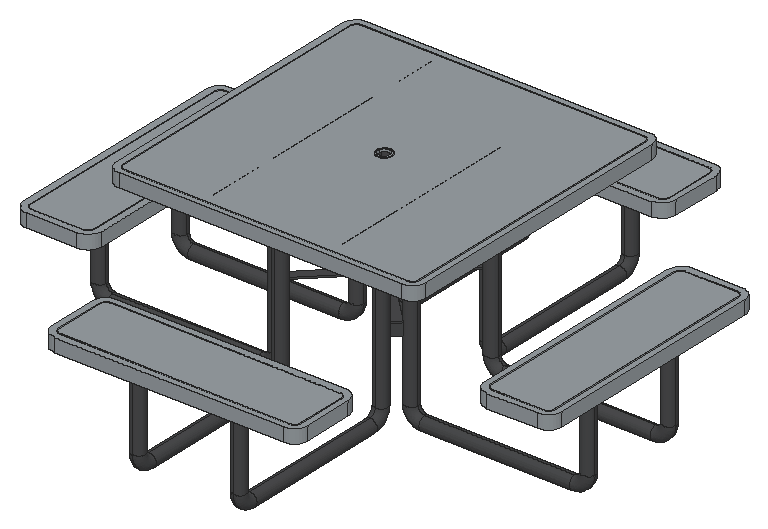
Revit family "OF-T46SQx", category Furniture, Revit 2020
Family settings
  Work Plane-Based = No
  Always vertical = Yes
  Cut with Voids When Loaded = No
  Shared = No
  Room Calculation Point = No
Parameters (values of type "OF-T46SQP")
  Top Panel [instance] = Getzen Gray Expanded
  Top Frame [instance] = Getzen Gray Solid
  Seat Panel [instance] = Getzen Gray Expanded
  Seat Frame [instance] = Getzen Gray Solid
  HS Seat Count = 8
  Frame [instance] = Getzen Black Solid
  Surface Mount = no
  Mount = no
  Model = "OF-T46SQP"
  In Ground = no
  ES Seat Count = 8
  Default Elevation = 0' - 0"
Types (3): name | Surface Mount | Mount | Model | In Ground
  OF-T46SQP | no | no | "OF-T46SQP" | no
  OF-T46SQSM | yes | yes | "OF-T46SQSM" | no
  OF-T46SQIG | no | yes | "OF-T46SQIG" | yes
Reference planes (in)
  plane 1 "Center (Front/Back)": y = 0
  plane 2: z = 0
  plane 3 "Center (Left/Right)": x = 0
  plane 4 "29"": z = 29.5
  plane 5 "Seat Height": z = 16.5
Forms (in)
  Sweep 1, solid, material "Getzen Black Solid" <- "Frame"
    path origin (0, 0, 0) x (1, 0, 0) y (0, 0, 1)
      loop
        line (-10, 27.5) -> (-10, 3)
        arc (-10, 3) -> (-10.58579, 1.58579) -> (-12, 1) r 2
        line (-12, 1) -> (-34.375, 1)
        arc (-34.375, 1) -> (-35.78921, 1.58579) -> (-36.375, 3) r 2
        line (-36.375, 3) -> (-36.375, 14.5)
    profile origin (-10, 0, 15.25) x (0, -1, 0) y (1, 0, 0)
      loop
        circle (7.5, 0) r 1
  Sweep 2, solid, material "Getzen Black Solid" <- "Frame"
    path origin (0, -0.5, 0) x (1, 0, 0) y (0, 0, -1)
      loop
        line (-10, -27.5) -> (-10, -3)
        arc (-10, -3) -> (-10.58579, -1.58579) -> (-12, -1) r 2
        line (-12, -1) -> (-34.375, -1)
        arc (-34.375, -1) -> (-35.78921, -1.58579) -> (-36.375, -3) r 2
        line (-36.375, -3) -> (-36.375, -14.5)
    profile origin (-10, -0.5, 15.25) x (0, 1, 0) y (-1, 0, 0)
      loop
        circle (8, 0) r 1
  Extrusion 3, solid, material "Getzen Gray Solid" <- "Top Frame"
    sketch origin (0, 0, 0) x (1, 0, 0) y (0, 1, 0)
      loop
        line (-9.375, 9.375) -> (-9.375, -9.375) -> (9.375, -9.375) -> (9.375, 9.375) -> (-9.375, 9.375)
      loop
        line (9.625, 9.375) -> (20.375, 9.375) -> (20.125, 9.625) -> (9.625, 9.625) -> (9.625, 20.28281) -> (9.375, 20.375) -> (9.375, 9.625) -> (-9.375, 9.625) -> (-9.375, 20.375) -> (-9.625, 20.28281) -> (-9.625, 9.625) -> (-20.125, 9.625) -> (-20.375, 9.375) -> (-9.625, 9.375) -> (-9.625, -9.375) -> (-20.375, -9.375) -> (-20.125, -9.625) -> (-9.625, -9.625) -> (-9.625, -20.28281) -> (-9.375, -20.375) -> (-9.375, -9.625) -> (9.375, -9.625) -> (9.375, -20.375) -> (9.625, -20.28281) -> (9.625, -9.625) -> (20.125, -9.625) -> (20.375, -9.375) -> (9.625, -9.375) -> (9.625, 9.375)
    from 27.5 to 29.375
  Extrusion 4, solid, material "Getzen Black Solid" <- "Frame"
    sketch origin (0, 0, 0) x (1, 0, 0) y (0, 1, 0)
      loop
        line (-9.375, 8.28062) -> (-1.24327, 0.1489) -> (-0.1489, 1.24327) -> (-8.28062, 9.375) -> (-9.375, 8.28062)
      loop
        line (9.375, 8.28062) -> (8.28062, 9.375) -> (0.1489, 1.24327) -> (1.24327, 0.1489) -> (9.375, 8.28062)
      loop
        line (-9.375, -8.28062) -> (-8.28062, -9.375) -> (-0.1489, -1.24327) -> (-1.24327, -0.1489) -> (-9.375, -8.28062)
      loop
        line (9.375, -8.28062) -> (1.24327, -0.1489) -> (0.1489, -1.24327) -> (8.28062, -9.375) -> (9.375, -8.28062)
    from 13.75 to 14
  Extrusion 5, solid, material "Getzen Black Solid" <- "Frame"
    sketch origin (0, 0, 0) x (1, 0, 0) y (0, 1, 0)
      loop
        circle (0, 0) r 1.128
      loop
        circle (0, 0) r 0.875
    from 12 to 14
  Extrusion 6, solid, material "Getzen Black Solid" <- "Frame"
    sketch origin (0, 0, 0) x (1, 0, 0) y (0, 1, 0)
      loop
        line (-9.375, 8.28062) -> (-9.19822, 8.10385) -> (-8.10385, 9.19822) -> (-8.28062, 9.375) -> (-9.375, 8.28062)
      loop
        line (9.375, 8.28062) -> (8.28062, 9.375) -> (8.10385, 9.19822) -> (9.19822, 8.10385) -> (9.375, 8.28062)
      loop
        line (-9.375, -8.28062) -> (-8.28062, -9.375) -> (-8.10385, -9.19822) -> (-9.19822, -8.10385) -> (-9.375, -8.28062)
      loop
        line (9.375, -8.28062) -> (9.19822, -8.10385) -> (8.10385, -9.19822) -> (8.28062, -9.375) -> (9.375, -8.28062)
    from 12 to 13.75
  Extrusion 7, solid, material "Getzen Gray Solid" <- "Top Frame"
    sketch origin (0, 0, 0) x (1, 0, 0) y (0, 1, 0)
      loop
        circle (0, 0) r 0.875
      loop
        circle (0, 0) r 1.128
    from 29.25 to 29.5
  Extrusion 8, solid, material "Getzen Black Solid" <- "Frame", visible <- "Mount"
    sketch origin (0, 0, 0) x (1, 0, 0) y (0, 1, 0)
      loop
        circle (-23.1875, 9) r 0.75
    from 0 to 0.4257
  Extrusion 9, solid, material "Getzen Hardware", visible <- "Mount"
    sketch origin (0, 0, 0) x (1, 0, 0) y (0, 1, 0)
      loop
        circle (-23.1875, 9) r 0.375
    from 0.25 to 0.5
  Extrusion 10, solid, material "Getzen Hardware", visible <- "Surface Mount"
    sketch origin (0, 0, 0) x (1, 0, 0) y (0, 1, 0)
      loop
        circle (-23.1875, 9) r 1
    from -2 to 0
  Extrusion 11, solid, material "Getzen Hardware", visible <- "In Ground"
    sketch origin (0, 0, 0) x (1, 0, 0) y (0, 1, 0)
      loop
        circle (-23.1875, 9) r 2
    from -8 to 0
  Sweep 12, solid, material "Getzen Black Solid" <- "Frame"
    path origin (0, 0, 0) x (0, -1, 0) y (0, 0, 1)
      loop
        line (-10, 27.5) -> (-10, 3)
        arc (-10, 3) -> (-10.58579, 1.58579) -> (-12, 1) r 2
        line (-12, 1) -> (-34.375, 1)
        arc (-34.375, 1) -> (-35.78921, 1.58579) -> (-36.375, 3) r 2
        line (-36.375, 3) -> (-36.375, 14.5)
    profile origin (0, 10, 15.25) x (-1, 0, 0) y (0, -1, 0)
      loop
        circle (7.5, 0) r 1
  Sweep 13, solid, material "Getzen Black Solid" <- "Frame"
    path origin (-0.5, 0, 0) x (0, -1, 0) y (0, 0, -1)
      loop
        line (-10, -27.5) -> (-10, -3)
        arc (-10, -3) -> (-10.58579, -1.58579) -> (-12, -1) r 2
        line (-12, -1) -> (-34.375, -1)
        arc (-34.375, -1) -> (-35.78921, -1.58579) -> (-36.375, -3) r 2
        line (-36.375, -3) -> (-36.375, -14.5)
    profile origin (-0.5, 10, 15.25) x (1, 0, 0) y (0, 1, 0)
      loop
        circle (8, 0) r 1
  Extrusion 14, solid, material "Getzen Black Solid" <- "Frame", visible <- "Mount"
    sketch origin (0, 0, 0) x (0, -1, 0) y (1, 0, 0)
      loop
        circle (-23.1875, 9) r 0.75
    from 0 to 0.4257
  Extrusion 15, solid, material "Getzen Hardware", visible <- "Mount"
    sketch origin (0, 0, 0) x (0, -1, 0) y (1, 0, 0)
      loop
        circle (-23.1875, 9) r 0.375
    from 0.25 to 0.5
  Sweep 16, solid, material "Getzen Black Solid" <- "Frame"
    path origin (0, 0, 0) x (-1, 0, 0) y (0, 0, 1)
      loop
        line (-10, 27.5) -> (-10, 3)
        arc (-10, 3) -> (-10.58579, 1.58579) -> (-12, 1) r 2
        line (-12, 1) -> (-34.375, 1)
        arc (-34.375, 1) -> (-35.78921, 1.58579) -> (-36.375, 3) r 2
        line (-36.375, 3) -> (-36.375, 14.5)
    profile origin (10, 0, 15.25) x (0, 1, 0) y (-1, 0, 0)
      loop
        circle (7.5, 0) r 1
  Sweep 17, solid, material "Getzen Black Solid" <- "Frame"
    path origin (0, 0.5, 0) x (-1, 0, 0) y (0, 0, -1)
      loop
        line (-10, -27.5) -> (-10, -3)
        arc (-10, -3) -> (-10.58579, -1.58579) -> (-12, -1) r 2
        line (-12, -1) -> (-34.375, -1)
        arc (-34.375, -1) -> (-35.78921, -1.58579) -> (-36.375, -3) r 2
        line (-36.375, -3) -> (-36.375, -14.5)
    profile origin (10, 0.5, 15.25) x (0, -1, 0) y (1, 0, 0)
      loop
        circle (8, 0) r 1
  Extrusion 18, solid, material "Getzen Black Solid" <- "Frame", visible <- "Mount"
    sketch origin (0, 0, 0) x (-1, 0, 0) y (0, -1, 0)
      loop
        circle (-23.1875, 9) r 0.75
    from 0 to 0.4257
  Extrusion 19, solid, material "Getzen Hardware", visible <- "Mount"
    sketch origin (0, 0, 0) x (-1, 0, 0) y (0, -1, 0)
      loop
        circle (-23.1875, 9) r 0.375
    from 0.25 to 0.5
  Sweep 20, solid, material "Getzen Black Solid" <- "Frame"
    path origin (0, 0, 0) x (0, 1, 0) y (0, 0, 1)
      loop
        line (-10, 27.5) -> (-10, 3)
        arc (-10, 3) -> (-10.58579, 1.58579) -> (-12, 1) r 2
        line (-12, 1) -> (-34.375, 1)
        arc (-34.375, 1) -> (-35.78921, 1.58579) -> (-36.375, 3) r 2
        line (-36.375, 3) -> (-36.375, 14.5)
    profile origin (0, -10, 15.25) x (1, 0, 0) y (0, 1, 0)
      loop
        circle (7.5, 0) r 1
  Sweep 21, solid, material "Getzen Black Solid" <- "Frame"
    path origin (0.5, 0, 0) x (0, 1, 0) y (0, 0, -1)
      loop
        line (-10, -27.5) -> (-10, -3)
        arc (-10, -3) -> (-10.58579, -1.58579) -> (-12, -1) r 2
        line (-12, -1) -> (-34.375, -1)
        arc (-34.375, -1) -> (-35.78921, -1.58579) -> (-36.375, -3) r 2
        line (-36.375, -3) -> (-36.375, -14.5)
    profile origin (0.5, -10, 15.25) x (-1, 0, 0) y (0, -1, 0)
      loop
        circle (8, 0) r 1
  Extrusion 22, solid, material "Getzen Black Solid" <- "Frame", visible <- "Mount"
    sketch origin (0, 0, 0) x (0, 1, 0) y (-1, 0, 0)
      loop
        circle (-23.1875, 9) r 0.75
    from 0 to 0.4257
  Extrusion 23, solid, material "Getzen Hardware", visible <- "Mount"
    sketch origin (0, 0, 0) x (0, 1, 0) y (-1, 0, 0)
      loop
        circle (-23.1875, 9) r 0.375
    from 0.25 to 0.5
  Extrusion 24, solid, material "Getzen Hardware", visible <- "Surface Mount"
    sketch origin (0, 0, 0) x (0, -1, 0) y (1, 0, 0)
      loop
        circle (-23.1875, 9) r 1
    from -2 to 0
  Extrusion 25, solid, material "Getzen Hardware", visible <- "In Ground"
    sketch origin (0, 0, 0) x (0, -1, 0) y (1, 0, 0)
      loop
        circle (-23.1875, 9) r 2
    from -8 to 0
  Extrusion 26, solid, material "Getzen Hardware", visible <- "Surface Mount"
    sketch origin (0, 0, 0) x (-1, 0, 0) y (0, -1, 0)
      loop
        circle (-23.1875, 9) r 1
    from -2 to 0
  Extrusion 27, solid, material "Getzen Hardware", visible <- "In Ground"
    sketch origin (0, 0, 0) x (-1, 0, 0) y (0, -1, 0)
      loop
        circle (-23.1875, 9) r 2
    from -8 to 0
  Extrusion 28, solid, material "Getzen Hardware", visible <- "Surface Mount"
    sketch origin (0, 0, 0) x (0, 1, 0) y (-1, 0, 0)
      loop
        circle (-23.1875, 9) r 1
    from -2 to 0
  Extrusion 29, solid, material "Getzen Hardware", visible <- "In Ground"
    sketch origin (0, 0, 0) x (0, 1, 0) y (-1, 0, 0)
      loop
        circle (-23.1875, 9) r 2
    from -8 to 0
  Extrusion 30, solid, material "Getzen Gray Solid" <- "Seat Frame"
    sketch origin (0, 0, 0) x (1, 0, 0) y (0, 1, 0)
      loop
        arc (-38, 19) -> (-39.41421, 18.41421) -> (-40, 17) r 2
        line (-40, 17) -> (-40, -17)
        arc (-40, -17) -> (-39.41421, -18.41421) -> (-38, -19) r 2
        line (-38, -19) -> (-30.5, -19)
        arc (-30.5, -19) -> (-29.08579, -18.41421) -> (-28.5, -17) r 2
        line (-28.5, -17) -> (-28.5, 17)
        arc (-28.5, 17) -> (-29.08579, 18.41421) -> (-30.5, 19) r 2
        line (-30.5, 19) -> (-38, 19)
      loop
        line (-39, 17) -> (-39, -17)
        arc (-39, -17) -> (-38.70711, -17.70711) -> (-38, -18) r 1
        line (-38, -18) -> (-30.5, -18)
        arc (-30.5, -18) -> (-29.79289, -17.70711) -> (-29.5, -17) r 1
        line (-29.5, -17) -> (-29.5, 17)
        arc (-29.5, 17) -> (-29.79289, 17.70711) -> (-30.5, 18) r 1
        line (-30.5, 18) -> (-38, 18)
        arc (-38, 18) -> (-38.70711, 17.70711) -> (-39, 17) r 1
    from 14.5 to 16.5
  Extrusion 31, solid, material "Getzen Gray Expanded" <- "Seat Panel"
    sketch origin (0, 0, 0) x (1, 0, 0) y (0, 1, 0)
      loop
        arc (-38, 18) -> (-38.70711, 17.70711) -> (-39, 17) r 1
        line (-39, 17) -> (-39, -17)
        arc (-39, -17) -> (-38.70711, -17.70711) -> (-38, -18) r 1
        line (-38, -18) -> (-30.5, -18)
        arc (-30.5, -18) -> (-29.79289, -17.70711) -> (-29.5, -17) r 1
        line (-29.5, -17) -> (-29.5, 17)
        arc (-29.5, 17) -> (-29.79289, 17.70711) -> (-30.5, 18) r 1
        line (-30.5, 18) -> (-38, 18)
    from 16.375 to 16.5
  Extrusion 32, solid, material "Getzen Gray Solid" <- "Top Frame"
    sketch origin (0, 0, 0) x (1, 0, 0) y (0, 1, 0)
      loop
        arc (-21, 23) -> (-22.41421, 22.41421) -> (-23, 21) r 2
        line (-23, 21) -> (-23, -21)
        arc (-23, -21) -> (-22.41421, -22.41421) -> (-21, -23) r 2
        line (-21, -23) -> (21, -23)
        arc (21, -23) -> (22.41421, -22.41421) -> (23, -21) r 2
        line (23, -21) -> (23, 21)
        arc (23, 21) -> (22.41421, 22.41421) -> (21, 23) r 2
        line (21, 23) -> (-21, 23)
      loop
        arc (-21, 22) -> (-21.70711, 21.70711) -> (-22, 21) r 1
        line (-22, 21) -> (-22, -21)
        arc (-22, -21) -> (-21.70711, -21.70711) -> (-21, -22) r 1
        line (-21, -22) -> (21, -22)
        arc (21, -22) -> (21.70711, -21.70711) -> (22, -21) r 1
        line (22, -21) -> (22, 21)
        arc (22, 21) -> (21.70711, 21.70711) -> (21, 22) r 1
        line (21, 22) -> (-21, 22)
    from 27.5 to 29.5
  Extrusion 33, solid, material "Getzen Gray Expanded" <- "Top Panel"
    sketch origin (0, 0, 0) x (1, 0, 0) y (0, 1, 0)
      loop
        circle (0, 0) r 1.128
      loop
        arc (-21, 22) -> (-21.70711, 21.70711) -> (-22, 21) r 1
        line (-22, 21) -> (-22, -21)
        arc (-22, -21) -> (-21.70711, -21.70711) -> (-21, -22) r 1
        line (-21, -22) -> (21, -22)
        arc (21, -22) -> (21.70711, -21.70711) -> (22, -21) r 1
        line (22, -21) -> (22, 21)
        arc (22, 21) -> (21.70711, 21.70711) -> (21, 22) r 1
        line (21, 22) -> (-21, 22)
    from 29.375 to 29.5
  Extrusion 34, solid, material "Getzen Gray Solid" <- "Seat Frame"
    sketch origin (0, 0, 1.5) x (0, 1, 0) y (0, 0, 1)
      loop
        line (8.5, 13) -> (8.5, 14.5) -> (8.375, 14.5) -> (8.375, 13.125) -> (6.5, 13.125) -> (6.5, 13) -> (8.5, 13)
      loop
        line (-8.5, 13) -> (-6.5, 13) -> (-6.5, 13.125) -> (-8.375, 13.125) -> (-8.375, 14.5) -> (-8.5, 14.5) -> (-8.5, 13)
    from -29.5 to -39
  Extrusion 35, solid, material "Getzen Gray Solid" <- "Seat Frame"
    sketch origin (0, 0, 0) x (-1, 0, 0) y (0, -1, 0)
      loop
        line (-38, -19) -> (-30.5, -19)
        arc (-30.5, -19) -> (-29.08579, -18.41421) -> (-28.5, -17) r 2
        line (-28.5, -17) -> (-28.5, 17)
        arc (-28.5, 17) -> (-29.08579, 18.41421) -> (-30.5, 19) r 2
        line (-30.5, 19) -> (-38, 19)
        arc (-38, 19) -> (-39.41421, 18.41421) -> (-40, 17) r 2
        line (-40, 17) -> (-40, -17)
        arc (-40, -17) -> (-39.41421, -18.41421) -> (-38, -19) r 2
      loop
        arc (-39, -17) -> (-38.70711, -17.70711) -> (-38, -18) r 1
        line (-38, -18) -> (-30.5, -18)
        arc (-30.5, -18) -> (-29.79289, -17.70711) -> (-29.5, -17) r 1
        line (-29.5, -17) -> (-29.5, 17)
        arc (-29.5, 17) -> (-29.79289, 17.70711) -> (-30.5, 18) r 1
        line (-30.5, 18) -> (-38, 18)
        arc (-38, 18) -> (-38.70711, 17.70711) -> (-39, 17) r 1
        line (-39, 17) -> (-39, -17)
    from 14.5 to 16.5
  Extrusion 36, solid, material "Getzen Gray Expanded" <- "Seat Panel"
    sketch origin (0, 0, 0) x (-1, 0, 0) y (0, -1, 0)
      loop
        line (-38, -18) -> (-30.5, -18)
        arc (-30.5, -18) -> (-29.79289, -17.70711) -> (-29.5, -17) r 1
        line (-29.5, -17) -> (-29.5, 17)
        arc (-29.5, 17) -> (-29.79289, 17.70711) -> (-30.5, 18) r 1
        line (-30.5, 18) -> (-38, 18)
        arc (-38, 18) -> (-38.70711, 17.70711) -> (-39, 17) r 1
        line (-39, 17) -> (-39, -17)
        arc (-39, -17) -> (-38.70711, -17.70711) -> (-38, -18) r 1
    from 16.375 to 16.5
  Extrusion 37, solid, material "Getzen Gray Solid" <- "Seat Frame"
    sketch origin (0, 0, 1.5) x (0, 1, 0) y (0, 0, -1)
      loop
        line (8.5, -13) -> (6.5, -13) -> (6.5, -13.125) -> (8.375, -13.125) -> (8.375, -14.5) -> (8.5, -14.5) -> (8.5, -13)
      loop
        line (-8.5, -13) -> (-8.5, -14.5) -> (-8.375, -14.5) -> (-8.375, -13.125) -> (-6.5, -13.125) -> (-6.5, -13) -> (-8.5, -13)
    from -29.5 to -39
  Extrusion 38, solid, material "Getzen Gray Solid" <- "Seat Frame"
    sketch origin (0, 0, 0) x (0, -1, 0) y (1, 0, 0)
      loop
        arc (-38, 19) -> (-39.41421, 18.41421) -> (-40, 17) r 2
        line (-40, 17) -> (-40, -17)
        arc (-40, -17) -> (-39.41421, -18.41421) -> (-38, -19) r 2
        line (-38, -19) -> (-30.5, -19)
        arc (-30.5, -19) -> (-29.08579, -18.41421) -> (-28.5, -17) r 2
        line (-28.5, -17) -> (-28.5, 17)
        arc (-28.5, 17) -> (-29.08579, 18.41421) -> (-30.5, 19) r 2
        line (-30.5, 19) -> (-38, 19)
      loop
        line (-39, 17) -> (-39, -17)
        arc (-39, -17) -> (-38.70711, -17.70711) -> (-38, -18) r 1
        line (-38, -18) -> (-30.5, -18)
        arc (-30.5, -18) -> (-29.79289, -17.70711) -> (-29.5, -17) r 1
        line (-29.5, -17) -> (-29.5, 17)
        arc (-29.5, 17) -> (-29.79289, 17.70711) -> (-30.5, 18) r 1
        line (-30.5, 18) -> (-38, 18)
        arc (-38, 18) -> (-38.70711, 17.70711) -> (-39, 17) r 1
    from 14.5 to 16.5
  Extrusion 39, solid, material "Getzen Gray Expanded" <- "Seat Panel"
    sketch origin (0, 0, 0) x (0, -1, 0) y (1, 0, 0)
      loop
        arc (-38, 18) -> (-38.70711, 17.70711) -> (-39, 17) r 1
        line (-39, 17) -> (-39, -17)
        arc (-39, -17) -> (-38.70711, -17.70711) -> (-38, -18) r 1
        line (-38, -18) -> (-30.5, -18)
        arc (-30.5, -18) -> (-29.79289, -17.70711) -> (-29.5, -17) r 1
        line (-29.5, -17) -> (-29.5, 17)
        arc (-29.5, 17) -> (-29.79289, 17.70711) -> (-30.5, 18) r 1
        line (-30.5, 18) -> (-38, 18)
    from 16.375 to 16.5
  Extrusion 40, solid, material "Getzen Gray Solid" <- "Seat Frame"
    sketch origin (0, 0, 1.5) x (1, 0, 0) y (0, 0, 1)
      loop
        line (8.5, 13) -> (8.5, 14.5) -> (8.375, 14.5) -> (8.375, 13.125) -> (6.5, 13.125) -> (6.5, 13) -> (8.5, 13)
      loop
        line (-8.5, 13) -> (-6.5, 13) -> (-6.5, 13.125) -> (-8.375, 13.125) -> (-8.375, 14.5) -> (-8.5, 14.5) -> (-8.5, 13)
    from -29.5 to -39
  Extrusion 41, solid, material "Getzen Gray Solid" <- "Seat Frame"
    sketch origin (0, 0, 0) x (0, 1, 0) y (-1, 0, 0)
      loop
        line (-38, -19) -> (-30.5, -19)
        arc (-30.5, -19) -> (-29.08579, -18.41421) -> (-28.5, -17) r 2
        line (-28.5, -17) -> (-28.5, 17)
        arc (-28.5, 17) -> (-29.08579, 18.41421) -> (-30.5, 19) r 2
        line (-30.5, 19) -> (-38, 19)
        arc (-38, 19) -> (-39.41421, 18.41421) -> (-40, 17) r 2
        line (-40, 17) -> (-40, -17)
        arc (-40, -17) -> (-39.41421, -18.41421) -> (-38, -19) r 2
      loop
        arc (-39, -17) -> (-38.70711, -17.70711) -> (-38, -18) r 1
        line (-38, -18) -> (-30.5, -18)
        arc (-30.5, -18) -> (-29.79289, -17.70711) -> (-29.5, -17) r 1
        line (-29.5, -17) -> (-29.5, 17)
        arc (-29.5, 17) -> (-29.79289, 17.70711) -> (-30.5, 18) r 1
        line (-30.5, 18) -> (-38, 18)
        arc (-38, 18) -> (-38.70711, 17.70711) -> (-39, 17) r 1
        line (-39, 17) -> (-39, -17)
    from 14.5 to 16.5
  Extrusion 42, solid, material "Getzen Gray Expanded" <- "Seat Panel"
    sketch origin (0, 0, 0) x (0, 1, 0) y (-1, 0, 0)
      loop
        line (-38, -18) -> (-30.5, -18)
        arc (-30.5, -18) -> (-29.79289, -17.70711) -> (-29.5, -17) r 1
        line (-29.5, -17) -> (-29.5, 17)
        arc (-29.5, 17) -> (-29.79289, 17.70711) -> (-30.5, 18) r 1
        line (-30.5, 18) -> (-38, 18)
        arc (-38, 18) -> (-38.70711, 17.70711) -> (-39, 17) r 1
        line (-39, 17) -> (-39, -17)
        arc (-39, -17) -> (-38.70711, -17.70711) -> (-38, -18) r 1
    from 16.375 to 16.5
  Extrusion 43, solid, material "Getzen Gray Solid" <- "Seat Frame"
    sketch origin (0, 0, 1.5) x (1, 0, 0) y (0, 0, -1)
      loop
        line (8.5, -13) -> (6.5, -13) -> (6.5, -13.125) -> (8.375, -13.125) -> (8.375, -14.5) -> (8.5, -14.5) -> (8.5, -13)
      loop
        line (-8.5, -13) -> (-8.5, -14.5) -> (-8.375, -14.5) -> (-8.375, -13.125) -> (-6.5, -13.125) -> (-6.5, -13) -> (-8.5, -13)
    from -29.5 to -39
Dimensions and locks (in)
  plane 4 "29"" to level = 2' - 5 1/2"
  plane 5 "Seat Height" to level = 1' - 4 1/2"
  aligned and locked: plane 2 to level
